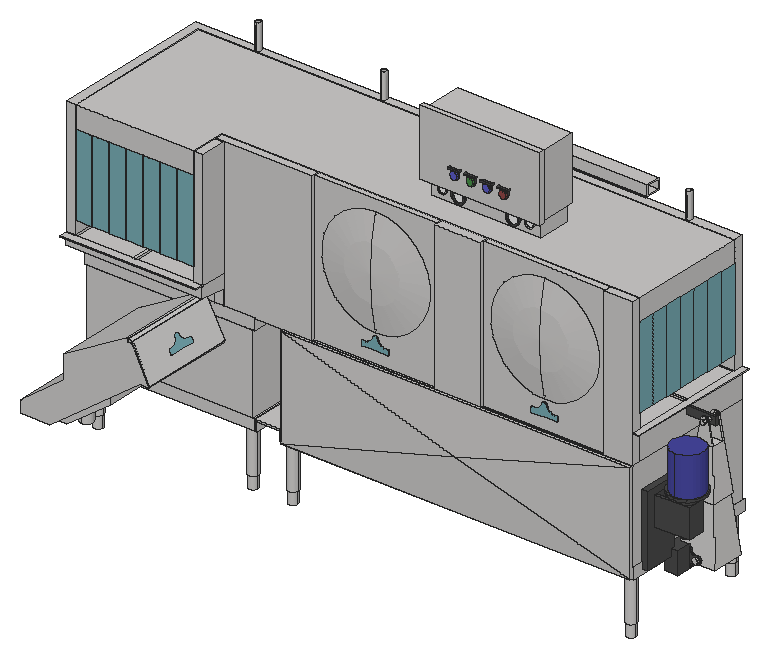
Revit family
Parameters (values of type "208/60/3")
  Width = 8' - 4"
  Weight in Pounds = 1800
  Watts = 25000 W
  Watermarked By = "http://revitwatermark.com"
  Waste Water Discharge Temperature [instance] = -459.67 °F
  Volts = 208 V
  Ventilation Remarks [instance] = ""
  URL Cutsheet = ""
  URL = "www.stero.com"
  Total Height = 5' - 10 1/2"
  Table Height = 2' - 10"
  Swing Doors [instance] = no
  Status [instance] = ""
  Standard Doors [instance] = not(Swing Doors)  # yes
  Specification by User [instance] = ""
  Specification by Manufacturer = ""
  Serial Number [instance] = ""
  Seismic Rating [instance] = ""
  SMACNA No [instance] = ""
  Right Ventilation Remarks [instance] = ""
  Right Vent [instance] = no
  Right Exhaust Volume [instance] = if(Right Vent, 400 CFM, 0 CFM)  # 0 CFM
  Right Exhaust Vent Width = 0' - 3 7/8"
  Right Exhaust Vent Text = "Vent, Unload End"
  Right Exhaust Vent Depth = 2' - 0 7/8"
  Right Exhaust Static Press = 0.00 in-wg
  Right Exhaust RI Height [instance] = 0' - 0"
  Right Exhaust Item Number [instance] = "-"
  Right Drain [instance] = no
  Revision Code [instance] = ""
  Plumbing Remarks [instance] = ""
  Plumbing Connection Type [instance] = ""
  Phase = 3
  Number of Poles [instance] = 1
  No Left Vent [instance] = not(Left Vent)  # yes
  NAFEM Spec ID Number [instance] = ""
  Model = "ER-94SC"
  Masterspec = ""
  Manufacturer = "Stero"
  Machine Height = 4' - 7 1/2"
  Left Vent [instance] = no
  Left Drain [instance] = not(Right Drain)  # yes
  Item Number [instance] = "-"
  Installed By [instance] = ""
  Indirect Waste Size = 2"
  Indirect Waste Flow [instance] = 0.00 GPM
  Indirect Waste Connection Type [instance] = ""
  Indirect Waste Connection Height = 0' - 6"
  Hot Water Usage Rack = "- Gal/Rack"
  Hot Water Usage = "120.6 GPH"
  Hot Water Temperature = 180 °F
  Hot Water Size = 3/4"
  Hot Water RI Height [instance] = 0' - 0"
  Hot Water Minimum Pressure = 20.00 psi
  Hot Water Maximum Pressure = 20.00 psi
  Hot Water Flow = 2.01 GPM
  Hot Water Consumption = 2.01 GPM
  Hot Water Connection Height = 5' - 0"
  HP = "4.25"
  Furnished By [instance] = ""
  Foodservice Equipment Identifier [instance] = yes
  FL Amps = 83.6 A
  Exhaust Volume [instance] = if(Left Vent, 200 CFM, 0 CFM)  # 0 CFM
  Exhaust Vent Width = 2' - 0 7/8"
  Exhaust Vent Text = "Vent, Load End"
  Exhaust Vent Depth = 0' - 3 7/8"
  Exhaust Static Press = 0.00 in-wg
  Exhaust RI Height [instance] = 0' - 0"
  Electrical Remarks [instance] = ""
  Electric Connection Type [instance] = ""
  Elec Conn RI Height [instance] = 0' - 0"
  Elec Conn Connection Height = 5' - 8 1/2"
  Single Door Opening [instance] = if(Swing Doors, 2' 0", 1' 10 1/2")  # 1' - 10 1/2"
  Description = "Dishwasher, Conveyor"
  Depth = 2' - 1"
  Cycle = 60 Hz
  Conn Conduit = yes
  Cold Water Temperature Recommended [instance] = -459.67 °F
  Cold Water Size = 3/4"
  Cold Water RI Height [instance] = 0' - 0"
  Cold Water Minimum Pressure [instance] = 0.00 psi
  Cold Water Maximum Pressure [instance] = 0.00 psi
  Cold Water Flow [instance] = 0.00 GPM
  Cold Water Consumption [instance] = ""
  Cold Water Connection Height = 5' - 0"
  CSI MasterFormat = "11 48 13"
  Building Plumbing Remarks [instance] = ""
  Building Hot Water Temperature = 140 °F
  Building Hot Water Size = 3/4"
  Building Hot Water RI Height [instance] = 0' - 0"
  Building Hot Water Minimum Pressure [instance] = 20.00 psi
  Building Hot Water Maximum Pressure [instance] = 20.00 psi
  Building Hot Water Flow [instance] = 0.00 GPM
  Building Hot Water Consumption [instance] = 2.00 GPM
  Building Hot Water Connection Height = 5' - 0"
  Building HW Item Number [instance] = "-"
  Assembly Code = "E1090320"
  Apparent Power = if(Phase = 3, Volts * FL Amps * 1.73, Volts * FL Amps)  # 30082.6 VA
Reference planes (in)
  plane 1: z = 0
  plane 2 "Left of Main Body": x = 2.32772
  plane 3 "BACK": y = -48
  plane 4 "TOP": z = 70.5
  plane 5 "RIGHT": x = 66.32772
  plane 6 "FRONT": y = -73
  plane 7 "Left of Top": x = 2.57772
  plane 8 "Right of Top": x = 66.07772
  plane 9 "Right of Ledge": x = 67.57772
  plane 10 "Right End Cowl": x = 76.32772
  plane 11: x = 69.39022
  plane 12 "Bottom of Machine": z = 10
  plane 13 "Table Height": z = 34
  plane 14 "Top of Machine": z = 55.5
  plane 15 "Panel Top": z = 28.5
  plane 16: z = 12
  plane 17: y = -73.5
  plane 18: y = -47.5
  plane 19: x = 2.07772
  plane 20: x = 66.57772
  plane 21: y = -49.625
  plane 22: y = -71.375
  plane 23 "Door Center": x = 34.32772
  plane 24: x = 7.57772
  plane 25: x = 30.07772
  plane 26 "Top of Opening": z = 51.5
  plane 27: z = 2.25
  plane 28: x = 24.32772
  plane 29: x = 44.32772
  plane 30: x = 23.32772
  plane 31: x = 45.32772
  plane 32 "Front of Lower Panel": y = -66.5
  plane 33: y = -60.5
  plane 34: y = -67
  plane 35 "Back of Panel": y = -60
  plane 36 "Front of Upper Panel": y = -68
  plane 37: x = 23.82772
  plane 38: x = 44.82772
  plane 39: x = 76.20272
  plane 40: x = 73.26522
  plane 41: y = -48.0625
  plane 42: y = -72.9375
  plane 43 "Top of Vents": z = 59.5
  plane 44: x = 19.82772
  plane 45: x = 48.82772
  plane 46: y = -45
  plane 47: z = 57.5
  plane 48: y = -43
  plane 49: z = 84.5
  plane 50: x = 38.57772
  plane 51: x = 61.07772
  plane 52: x = 7.82772
  plane 53: x = 29.95272
  plane 54: x = 28.64022
  plane 55: x = 38.70272
  plane 56: x = 40.01522
  plane 57: x = 60.82772
  plane 58 "LEFT": x = -33.67228
  plane 59: x = -33.64377
  plane 60: y = -77.75746
  plane 61: y = -79.25746
  plane 62: y = -77.94496
  plane 63: y = -80.81996
  plane 64: y = -84.69496
  plane 65: y = -87.75746
  plane 66: y = -87.63246
  plane 67: x = -32.01877
  plane 68: y = -91
  plane 69: x = -23.51877
  plane 70: x = -19.51877
  plane 71: y = -80.00746
  plane 72: x = -28.14377
  plane 73: x = -34.64377
Forms (in)
  Extrusion 1, solid, material "QF_Finishes_Stainless Steel"
    sketch origin (0, 0, 10) x (0, 1, 0) y (-1, 0, 0)
      loop
        line (-47.5, -2.07772) -> (-73, -2.07772) -> (-73, -66.57772) -> (-47.5, -66.57772) -> (-47.5, -2.07772)
    from 0 to 2
  Extrusion 2, solid, material "QF_Finishes_Stainless Steel"
    sketch origin (0, 0, 28.5) x (0, 1, 0) y (-1, 0, 0)
      loop
        line (-48, -2.32772) -> (-73, -2.32772) -> (-73, -66.32772) -> (-48, -66.32772) -> (-48, -2.32772)
    from 0 to -16.5
  Extrusion 3, solid, material "QF_Finishes_Stainless Steel"
    sketch origin (0, 0, 34) x (0, 1, 0) y (-1, 0, 0)
      loop
        line (-48, -66.32772) -> (-73, -66.32772) -> (-73, -67.57772) -> (-48, -67.57772) -> (-48, -66.32772)
    from 0 to -0.125
  Extrusion 4, solid, material "QF_Finishes_Stainless Steel"
    sketch origin (0, 0, 34) x (0, 1, 0) y (-1, 0, 0)
      loop
        line (-48, 33.67228) -> (-73, 33.67228) -> (-73, 8.64377) -> (-71.375, 8.64377) -> (-71.375, -66.32772) -> (-48, -66.32772) -> (-48, 33.67228)
    from -0.25 to -5.5
  Extrusion 5, solid, material "QF_Finishes_Stainless Steel"
    sketch origin (0, -73, 0) x (-1, 0, 0) y (0, 0, 1)
      loop
        line (10.26877, 55.5) -> (-7.57772, 55.5) -> (-7.57772, 28.5) -> (10.26877, 28.5) -> (10.26877, 55.5)
    from 0 to 1.625
  Blend 6, solid, material "QF_Finishes_Stainless Steel"
    base sketch origin (-15.01335, -74, 48) x (-1, 0, 0) y (0, 0, 1)
      loop
        line (-17.34107, -19.5) -> (-81.34107, -19.5) -> (-81.34107, -38) -> (-17.34107, -38) -> (-17.34107, -19.5)
    top sketch origin (-15.01335, -74, 48) x (-1, 0, 0) y (0, 0, 1)
      loop
        line (-49.37232, -28.71875) -> (-49.37232, -28.78125) -> (-49.30982, -28.78125) -> (-49.30982, -28.71875) -> (-49.37232, -28.71875)
    from 0.5 to 0
  Extrusion 7, solid, material "QF_Finishes_Stainless Steel"
    sketch origin (0, 0, 10) x (0, 1, 0) y (-1, 0, 0)
      loop
        line (-73, -2.32772) -> (-73.5, -2.32772) -> (-73.5, -66.32772) -> (-73, -66.32772) -> (-73, -2.32772)
    from 0 to 18.5
  Extrusion 8, solid, material "QF_Finishes_Stainless Steel"
    sketch origin (0, -73, 0) x (-1, 0, 0) y (0, 0, 1)
      loop
        line (-61.07772, 55.5) -> (-66.32772, 55.5) -> (-66.32772, 28.5) -> (-61.07772, 28.5) -> (-61.07772, 55.5)
    from 0 to 1.625
  Extrusion 9, solid, material "QF_Finishes_Stainless Steel", visible <- "Standard Doors"
    sketch origin (-15.5, 0, 55.5) x (0, 1, 0) y (-1, 0, 0)
      loop
        line (-71.375, -23.07772) -> (-72.5, -23.07772) -> (-72.5, -45.57772) -> (-71.375, -45.57772) -> (-71.375, -23.07772)
    from 0 to -27
  Extrusion 10, solid, material "QF_Finishes_Stainless Steel"
    sketch origin (0, 0, 0) x (1, 0, 0) y (0, 1, 0)
      loop
        circle (3.32772, -49) r 0.8125
    from 0 to 2.25
  Extrusion 11, solid, material "QF_Finishes_Stainless Steel"
    sketch origin (0, 0, 0) x (1, 0, 0) y (0, 1, 0)
      loop
        circle (3.32772, -49) r 0.9375
    from 2.25 to 10
  Extrusion 12, solid, material "QF_Finishes_Stainless Steel"
    sketch origin (48.65544, 0, 0) x (-1, 0, 0) y (0, -1, 0)
      loop
        circle (-16.67228, 49) r 0.8125
    from 0 to 2.25
  Extrusion 13, solid, material "QF_Finishes_Stainless Steel"
    sketch origin (48.65544, 0, 0) x (-1, 0, 0) y (0, -1, 0)
      loop
        circle (-16.67228, 49) r 0.9375
    from 2.25 to 10
  Extrusion 14, solid, material "QF_Finishes_Stainless Steel"
    sketch origin (0, -121, 0) x (1, 0, 0) y (0, 1, 0)
      loop
        circle (3.32772, 49) r 0.8125
    from 0 to 2.25
  Extrusion 15, solid, material "QF_Finishes_Stainless Steel"
    sketch origin (0, -121, 0) x (1, 0, 0) y (0, 1, 0)
      loop
        circle (3.32772, 49) r 0.9375
    from 2.25 to 10
  Extrusion 16, solid, material "QF_Finishes_Stainless Steel"
    sketch origin (48.65544, -121, 0) x (-1, 0, 0) y (0, -1, 0)
      loop
        circle (-16.67228, -49) r 0.8125
    from 0 to 2.25
  Extrusion 17, solid, material "QF_Finishes_Stainless Steel"
    sketch origin (48.65544, -121, 0) x (-1, 0, 0) y (0, -1, 0)
      loop
        circle (-16.67228, -49) r 0.9375
    from 2.25 to 10
  Extrusion 18, solid, material "QF_Finishes_Light Blue"
    sketch origin (0, 0, 51.5) x (0, 1, 0) y (-1, 0, 0)
      loop
        line (-49.625, -66.32772) -> (-49.625, -66.20272) -> (-52.625, -66.20272) -> (-52.625, -66.32772) -> (-49.625, -66.32772)
      loop
        line (-52.75, -66.32772) -> (-52.75, -66.20272) -> (-55.75, -66.20272) -> (-55.75, -66.32772) -> (-52.75, -66.32772)
      loop
        line (-55.875, -66.32772) -> (-55.875, -66.20272) -> (-58.875, -66.20272) -> (-58.875, -66.32772) -> (-55.875, -66.32772)
      loop
        line (-59, -66.32772) -> (-59, -66.20272) -> (-62, -66.20272) -> (-62, -66.32772) -> (-59, -66.32772)
      loop
        line (-62.125, -66.32772) -> (-62.125, -66.20272) -> (-65.125, -66.20272) -> (-65.125, -66.32772) -> (-62.125, -66.32772)
      loop
        line (-65.25, -66.32772) -> (-65.25, -66.20272) -> (-68.25, -66.20272) -> (-68.25, -66.32772) -> (-65.25, -66.32772)
      loop
        line (-68.375, -66.32772) -> (-68.375, -66.20272) -> (-71.375, -66.20272) -> (-71.375, -66.32772) -> (-68.375, -66.32772)
    from 0 to -15
  Extrusion 19, solid, material "QF_Finishes_Stainless Steel"
    sketch origin (0, 0, 55.5) x (0, 1, 0) y (-1, 0, 0)
      loop
        line (-60.5, -24.32772) -> (-66.5, -24.32772) -> (-66.5, -44.32772) -> (-60.5, -44.32772) -> (-60.5, -24.32772)
    from 0 to 3.5
  Extrusion 20, solid, material "QF_Finishes_Stainless Steel"
    sketch origin (0, 0, 55.5) x (0, 1, 0) y (-1, 0, 0)
      loop
        line (-60, -23.82772) -> (-67, -23.82772) -> (-67, -44.82772) -> (-60, -44.82772) -> (-60, -23.82772)
    from 3 to 14.5
  Extrusion 21, solid, material "QF_Finishes_Stainless Steel"
    sketch origin (0, 0, 55.5) x (0, 1, 0) y (-1, 0, 0)
      loop
        line (-67, -23.32772) -> (-68, -23.32772) -> (-68, -45.32772) -> (-67, -45.32772) -> (-67, -23.32772)
    from 3 to 15
  Extrusion 22, solid, material "QF_Finishes_Black"
    sketch origin (0, -66.5, 0) x (-1, 0, 0) y (0, 0, 1)
      loop
        circle (-29.32772, 57) r 1.25
      loop
        circle (-29.32772, 57) r 1
    from 0 to -0.25
  Extrusion 23, solid, material "QF_Finishes_Stainless Steel"
    sketch origin (0, -66.5, 0) x (-1, 0, 0) y (0, 0, 1)
      loop
        circle (-26.32772, 57.25) r 0.75
      loop
        circle (-26.32772, 57.25) r 0.875
    from 0 to -0.125
  Extrusion 24, solid, material "QF_Finishes_White"
    sketch origin (0, -66.5, 0) x (-1, 0, 0) y (0, 0, 1)
      loop
        circle (-26.32772, 57.25) r 0.75
    from 0 to -0.0625
  Extrusion 25, solid, material "QF_Finishes_White"
    sketch origin (0, -66.5, 0) x (-1, 0, 0) y (0, 0, 1)
      loop
        circle (-29.32772, 57) r 1
    from 0 to -0.0625
  Extrusion 26, solid, material "QF_Finishes_Black"
    sketch origin (48.65544, -66.5, 0) x (1, 0, 0) y (0, 0, -1)
      loop
        circle (-9.32772, -57) r 1.25
      loop
        circle (-9.32772, -57) r 1
    from 0 to -0.25
  Extrusion 27, solid, material "QF_Finishes_Stainless Steel"
    sketch origin (48.65544, -66.5, 0) x (1, 0, 0) y (0, 0, -1)
      loop
        circle (-6.32772, -57.25) r 0.75
      loop
        circle (-6.32772, -57.25) r 0.875
    from 0 to -0.125
  Extrusion 28, solid, material "QF_Finishes_White"
    sketch origin (48.65544, -66.5, 0) x (1, 0, 0) y (0, 0, -1)
      loop
        circle (-6.32772, -57.25) r 0.75
    from 0 to -0.0625
  Extrusion 29, solid, material "QF_Finishes_White"
    sketch origin (48.65544, -66.5, 0) x (1, 0, 0) y (0, 0, -1)
      loop
        circle (-9.32772, -57) r 1
    from 0 to -0.0625
  Extrusion 30, solid, material "QF_Finishes_Black"
    sketch origin (0, -68, 0) x (-1, 0, 0) y (0, 0, 1)
      loop
        line (-33.82772, 62.5) -> (-33.82772, 62.25) -> (-31.82772, 62.25) -> (-31.82772, 62.5) -> (-33.82772, 62.5)
      loop
        line (-30.82772, 62.5) -> (-30.82772, 62.25) -> (-28.82772, 62.25) -> (-28.82772, 62.5) -> (-30.82772, 62.5)
      loop
        line (-34.82772, 62.5) -> (-36.82772, 62.5) -> (-36.82772, 62.25) -> (-34.82772, 62.25) -> (-34.82772, 62.5)
      loop
        line (-37.82772, 62.5) -> (-39.82772, 62.5) -> (-39.82772, 62.25) -> (-37.82772, 62.25) -> (-37.82772, 62.5)
    from 0 to -0.5
  Extrusion 31, solid, material "QF_Finishes_Navy Blue"
    sketch origin (0, -68, 0) x (-1, 0, 0) y (0, 0, 1)
      loop
        circle (-29.82772, 61.375) r 0.625
    from -0.125 to -0.375
  Extrusion 32, solid, material "QF_Finishes_LED Green"
    sketch origin (3, -68, 0) x (-1, 0, 0) y (0, 0, 1)
      loop
        circle (-29.82772, 61.375) r 0.625
    from -0.125 to -0.375
  Extrusion 33, solid, material "QF_Finishes_Navy Blue"
    sketch origin (6, -68, 0) x (-1, 0, 0) y (0, 0, 1)
      loop
        circle (-29.82772, 61.375) r 0.625
    from -0.125 to -0.375
  Extrusion 34, solid, material "QF_Finishes_LED Red"
    sketch origin (9, -68, 0) x (-1, 0, 0) y (0, 0, 1)
      loop
        circle (-29.82772, 61.375) r 0.625
    from -0.125 to -0.375
  Extrusion 35, solid, material "QF_Finishes_Black"
    sketch origin (0, -68, 0) x (-1, 0, 0) y (0, 0, 1)
      loop
        arc (-30.57772, 61.375) -> (-29.82772, 60.625) -> (-29.07772, 61.375) r 0.75
        line (-29.07772, 61.375) -> (-29.07772, 62.25) -> (-30.57772, 62.25) -> (-30.57772, 61.375)
      loop
        arc (-33.57772, 61.375) -> (-32.82772, 60.625) -> (-32.07772, 61.375) r 0.75
        line (-32.07772, 61.375) -> (-32.07772, 62.25) -> (-33.57772, 62.25) -> (-33.57772, 61.375)
      loop
        arc (-36.57772, 61.375) -> (-35.82772, 60.625) -> (-35.07772, 61.375) r 0.75
        line (-35.07772, 61.375) -> (-35.07772, 62.25) -> (-36.57772, 62.25) -> (-36.57772, 61.375)
      loop
        arc (-39.57772, 61.375) -> (-38.82772, 60.625) -> (-38.07772, 61.375) r 0.75
        line (-38.07772, 61.375) -> (-38.07772, 62.25) -> (-39.57772, 62.25) -> (-39.57772, 61.375)
    from 0 to -0.125
  Extrusion 36, solid, material "QF_Finishes_Light Blue", visible <- "Standard Doors"
    sketch origin (-15.5, -73, 0) x (-1, 0, 0) y (0, 0, 1)
      loop
        line (-33.71645, 30.65632) -> (-32.08461, 30.57309)
        arc (-32.08461, 30.57309) -> (-31.90443, 30.64773) -> (-31.82979, 30.82792) r 0.25483
        line (-31.82979, 30.82792) -> (-31.82979, 31.31285)
        arc (-31.82979, 31.31285) -> (-31.90343, 31.49062) -> (-32.08121, 31.56426) r 0.25142
        arc (-32.08121, 31.56426) -> (-33.22593, 31.7803) -> (-33.90311, 32.72819) r 1.56264
        arc (-33.90311, 32.72819) -> (-34.31726, 33.06213) -> (-34.74741, 32.74907) r 0.43733
        arc (-34.74741, 32.74907) -> (-35.42049, 31.78611) -> (-36.57423, 31.56426) r 1.56264
        arc (-36.57423, 31.56426) -> (-36.75201, 31.49062) -> (-36.82565, 31.31285) r 0.25142
        line (-36.82565, 31.31285) -> (-36.82565, 30.82792)
        arc (-36.82565, 30.82792) -> (-36.75101, 30.64773) -> (-36.57082, 30.57309) r 0.25483
        line (-36.57082, 30.57309) -> (-34.93898, 30.65632)
        arc (-34.93898, 30.65632) -> (-34.32772, 30.6719) -> (-33.71645, 30.65632) r 12
    from 0.5 to 0.4375
  Extrusion 37, solid, material "QF_Finishes_Stainless Steel", visible <- "Right Vent"
    sketch origin (66.07772, 0, 0) x (0, -1, 0) y (0, 0, 1)
      loop
        line (73, 55.5) -> (48, 55.5) -> (48, 50.5625) -> (49.625, 48.9375) -> (49.625, 49.11428) -> (48.125, 50.61428) -> (48.125, 55.375) -> (72.875, 55.375) -> (72.875, 39.17678) -> (71.375, 37.67678) -> (71.375, 37.5) -> (73, 39.125) -> (73, 55.5)
    from -0.25 to -10.125
  Extrusion 38, solid, material "QF_Finishes_Stainless Steel", visible <- "Right Vent"
    sketch origin (76.32772, 0, 0) x (0, 1, 0) y (0, 0, 1)
      loop
        line (-71.375, 37.5) -> (-71.375, 51.5) -> (-49.625, 51.5) -> (-49.625, 48.9375) -> (-48, 50.5625) -> (-48, 55.5) -> (-73, 55.5) -> (-73, 39.125) -> (-71.375, 37.5)
    from 0 to -0.125
  Extrusion 39, solid, material "QF_Finishes_Stainless Steel", visible <- "Right Vent"
    sketch origin (48.65544, 0, 55.5) x (0, 1, 0) y (-1, 0, 0)
      loop
        line (-48.0625, -24.60978) -> (-48.0625, -20.73478) -> (-72.9375, -20.73478) -> (-72.9375, -24.60978) -> (-48.0625, -24.60978)
      loop
        line (-48.1875, -24.48478) -> (-48.1875, -20.85978) -> (-72.8125, -20.85978) -> (-72.8125, -24.48478) -> (-48.1875, -24.48478)
    from 0 to 4
  Extrusion 40, void
    sketch origin (0, 0, 55.5) x (0, 1, 0) y (-1, 0, 0)
      loop
        line (-48.1875, -69.51522) -> (-72.8125, -69.51522) -> (-72.8125, -73.14022) -> (-48.1875, -73.14022) -> (-48.1875, -69.51522)
    from 0 to -0.125
  Extrusion 41, solid, material "QF_Finishes_Black"
    sketch origin (0, -73, 0) x (-1, 0, 0) y (0, 0, 1)
      loop
        line (-66.57772, 12) -> (-66.32772, 12) -> (-66.32772, 23.9375) -> (-67.70272, 23.9375) -> (-67.70272, 10.9375) -> (-66.57772, 10.9375) -> (-66.57772, 12)
    from 1.8125 to 7.8125
  Extrusion 42, solid, material "QF_Finishes_Black"
    sketch origin (0, 0, 10) x (0, 1, 0) y (-1, 0, 0)
      loop
        line (-66.875, -72.57772) -> (-66.875, -67.95272) -> (-69.5, -67.95272) -> (-69.5, -72.57772)
        arc (-69.5, -72.57772) -> (-68.1875, -71.26522) -> (-66.875, -72.57772) r 1.3125
      loop
        line (-69.75, -74.20272) -> (-66.625, -74.20272) -> (-66.625, -67.70272) -> (-69.75, -67.70272) -> (-69.75, -74.20272)
    from 7.6875 to 12.9375
  Extrusion 43, solid, material "QF_Finishes_Black"
    sketch origin (0.25, 0, 10) x (0, 1, 0) y (-1, 0, 0)
      loop
        circle (-68.1875, -72.32772) r 1.0625
    from 7.1875 to 7.6875
  Extrusion 44, solid, material "QF_Finishes_Black"
    sketch origin (0, 0, 10) x (0, 1, 0) y (-1, 0, 0)
      loop
        circle (-68.1875, -72.57772) r 1.3125
    from 12.9375 to 13.4375
  Blend 45, solid, material "QF_Finishes_Black"
    base sketch origin (0.25, 0, 10) x (0, 1, 0) y (-1, 0, 0)
      loop
        circle (-68.1875, -72.32772) r 1.3125
    top sketch origin (0.25, 0, 10) x (0, 1, 0) y (-1, 0, 0)
      loop
        circle (-68.1875, -72.32772) r 2.0625
    from 13.4375 to 14.4375
  Extrusion 46, solid, material "QF_Finishes_Black"
    sketch origin (0.25, 0, 10) x (0, 1, 0) y (-1, 0, 0)
      loop
        circle (-68.1875, -72.32772) r 3.25
    from 14.4375 to 14.8125
  Extrusion 47, solid, material "QF_Finishes_Blue"
    sketch origin (0.25, 0, 10) x (0, 1, 0) y (-1, 0, 0)
      loop
        circle (-68.1875, -72.32772) r 2.875
    from 14.8125 to 21.9375
  Extrusion 48, solid, material "QF_Finishes_Black"
    sketch origin (0, -73, 0) x (-1, 0, 0) y (0, 0, 1)
      loop
        line (-66.32772, 33.1875) -> (-71.82772, 33.1875) -> (-71.82772, 31.6875) -> (-66.32772, 31.6875) -> (-66.32772, 33.1875)
      loop
        circle (-70.57772, 32.4375) r 0.375
    from 12.3125 to 12.6875
  Extrusion 49, solid, material "QF_Finishes_Black"
    sketch origin (0, -73, 0) x (-1, 0, 0) y (0, 0, 1)
      loop
        line (-66.32772, 12) -> (-66.32772, 12.4375) -> (-69.07772, 12.4375) -> (-69.07772, 8.4375) -> (-66.57772, 8.4375) -> (-66.57772, 12) -> (-66.32772, 12)
    from 7 to 18
  Extrusion 50, solid, material "QF_Finishes_Black"
    sketch origin (0, -73, 0) x (-1, 0, 0) y (0, 0, 1)
      loop
        line (-69.07772, 12.125) -> (-69.32772, 12.125)
        arc (-69.32772, 12.125) -> (-69.5045, 12.05178) -> (-69.57772, 11.875) r 0.25
        line (-69.57772, 11.875) -> (-69.57772, 11.5625)
        arc (-69.57772, 11.5625) -> (-69.68755, 11.29733) -> (-69.95272, 11.1875) r 0.375
        line (-69.95272, 11.1875) -> (-70.57772, 11.1875)
        arc (-70.57772, 11.1875) -> (-71.32772, 10.4375) -> (-70.57772, 9.6875) r 0.75
        line (-70.57772, 9.6875) -> (-69.95272, 9.6875)
        arc (-69.95272, 9.6875) -> (-69.68755, 9.57767) -> (-69.57772, 9.3125) r 0.375
        line (-69.57772, 9.3125) -> (-69.57772, 9)
        arc (-69.57772, 9) -> (-69.5045, 8.82322) -> (-69.32772, 8.75) r 0.25
        line (-69.32772, 8.75) -> (-69.07772, 8.75) -> (-69.07772, 12.125)
      loop
        circle (-70.57772, 10.4375) r 0.5
    from 9.375 to 9.5
  Extrusion 51, solid, material "QF_Finishes_Black"
    sketch origin (0, -66.875, 0) x (-1, 0, 0) y (0, 0, 1)
      loop
        line (-69.07772, 12.125) -> (-69.32772, 12.125)
        arc (-69.32772, 12.125) -> (-69.5045, 12.05178) -> (-69.57772, 11.875) r 0.25
        line (-69.57772, 11.875) -> (-69.57772, 11.5625)
        arc (-69.57772, 11.5625) -> (-69.68755, 11.29733) -> (-69.95272, 11.1875) r 0.375
        line (-69.95272, 11.1875) -> (-70.57772, 11.1875)
        arc (-70.57772, 11.1875) -> (-71.32772, 10.4375) -> (-70.57772, 9.6875) r 0.75
        line (-70.57772, 9.6875) -> (-69.95272, 9.6875)
        arc (-69.95272, 9.6875) -> (-69.68755, 9.57767) -> (-69.57772, 9.3125) r 0.375
        line (-69.57772, 9.3125) -> (-69.57772, 9)
        arc (-69.57772, 9) -> (-69.5045, 8.82322) -> (-69.32772, 8.75) r 0.25
        line (-69.32772, 8.75) -> (-69.07772, 8.75) -> (-69.07772, 12.125)
      loop
        circle (-70.57772, 10.4375) r 0.5
    from 9.375 to 9.5
  Extrusion 52, solid, material "QF_Finishes_Stainless Steel"
    sketch origin (0, -73, 0) x (-1, 0, 0) y (0, 0, 1)
      loop
        circle (-70.57772, 32.4375) r 0.375
      loop
        line (-71.31584, 32.57045) -> (-72.01522, 28.6875) -> (-69.14022, 28.6875) -> (-69.8396, 32.57045)
        arc (-69.8396, 32.57045) -> (-70.57772, 33.1875) -> (-71.31584, 32.57045) r 0.75
    from 11.25 to 11.375
  Extrusion 53, solid, material "QF_Finishes_Stainless Steel"
    sketch origin (0, -48, 0) x (-1, 0, 0) y (0, 0, -1)
      loop
        circle (-70.57772, -32.4375) r 0.375
      loop
        arc (-71.31584, -32.57045) -> (-70.57772, -33.1875) -> (-69.8396, -32.57045) r 0.75
        line (-69.8396, -32.57045) -> (-69.14022, -28.6875) -> (-72.01522, -28.6875) -> (-71.31584, -32.57045)
    from 11.25 to 11.375
  Extrusion 54, solid, material "QF_Finishes_Stainless Steel"
    sketch origin (0, -73, 0) x (-1, 0, 0) y (0, 0, 1)
      loop
        circle (-70.57772, 32.4375) r 0.375
    from 10.75 to 14.25
  Blend 55, solid, material "QF_Finishes_Stainless Steel"
    base sketch origin (0, 0, 34) x (0, 1, 0) y (-1, 0, 0)
      loop
        line (-58.25, -67.89022) -> (-62.75, -67.89022) -> (-62.75, -73.01522) -> (-58.25, -73.01522) -> (-58.25, -67.89022)
    top sketch origin (0, 0, 34) x (0, 1, 0) y (-1, 0, 0)
      loop
        line (-59.25, -69.14022) -> (-61.75, -69.14022) -> (-61.75, -72.01522) -> (-59.25, -72.01522) -> (-59.25, -69.14022)
    from -14.0625 to -5.3125
  Blend 56, solid, material "QF_Finishes_Stainless Steel"
    base sketch origin (0, 0, 25.25) x (0, 1, 0) y (-1, 0, 0)
      loop
        line (-57.5, -67.14022) -> (-63.5, -67.14022) -> (-63.5, -73.76522) -> (-57.5, -73.76522) -> (-57.5, -67.14022)
    top sketch origin (0, 0, 25.25) x (0, 1, 0) y (-1, 0, 0)
      loop
        line (-58.5, -68.14022) -> (-62.5, -68.14022) -> (-62.5, -72.76522) -> (-58.5, -72.76522) -> (-58.5, -68.14022)
    from -15.5625 to -5.3125
  Extrusion 57, solid, material "QF_Finishes_Stainless Steel"
    sketch origin (0, -73, -22) x (-1, 0, 0) y (0, 0, 1)
      loop
        circle (-70.57772, 32.4375) r 0.5
    from 9 to 16
  Extrusion 58, solid, material "QF_Finishes_Stainless Steel"
    sketch origin (0, 0, 55.5) x (0, 1, 0) y (-1, 0, 0)
      loop
        circle (-48.75, -57.32772) r 0.375
      loop
        circle (-48.75, -57.32772) r 0.5
    from 0 to 4.5
  Extrusion 59, solid, material "QF_Finishes_Stainless Steel"
    sketch origin (2.32772, 0, 0) x (0, 1, 0) y (0, 0, 1)
      loop
        line (-45, 57.5) -> (-47.75, 57.5) -> (-47.75, 55.5) -> (-45, 55.5) -> (-45, 57.5)
      loop
        line (-45.125, 57.375) -> (-47.625, 57.375) -> (-47.625, 55.625) -> (-45.125, 55.625) -> (-45.125, 57.375)
    from 17.5 to 46.5
  Extrusion 60, solid, material "QF_Finishes_Stainless Steel"
    sketch origin (2.32772, 0, 0) x (0, 1, 0) y (0, 0, 1)
      loop
        line (-47.75, 55.5) -> (-47.75, 55.625) -> (-48, 55.625) -> (-48, 55.5) -> (-47.75, 55.5)
    from 17.5 to 46.5
  Extrusion 61, solid, material "QF_Finishes_Stainless Steel"
    sketch origin (0, -60, 0) x (-1, 0, 0) y (0, 0, 1)
      loop
        circle (-44.32772, 68.5) r 0.25
    from 0 to 0.0625
  Extrusion 62, solid, material "QF_Finishes_Stainless Steel"
    sketch origin (0, -1, 10) x (0, 1, 0) y (-1, 0, 0)
      loop
        circle (-50, -61.32772) r 1
      loop
        circle (-50, -61.32772) r 1.125
    from 0 to -4
  Extrusion 63, solid, material "QF_Finishes_Clearance", detail levels coarse
    sketch origin (0, 0, 0) x (1, 0, 0) y (0, 1, 0)
      loop
        line (-34.64377, -47.5) -> (19.82772, -47.5) -> (19.82772, -45) -> (48.82772, -45) -> (48.82772, -47.5) -> (67.57772, -47.5) -> (67.57772, -43) -> (-34.64377, -43) -> (-34.64377, -47.5)
    from 0 to 70.5
  Extrusion 64, solid, material "QF_Finishes_Clearance", visible <- "Standard Doors", detail levels coarse
    sketch origin (-15.5, -73, 0) x (-1, 0, 0) y (0, 0, 1)
      loop
        line (-23.07772, 84.5) -> (-45.57772, 84.5) -> (-45.57772, 55.5) -> (-23.07772, 55.5) -> (-23.07772, 84.5)
    from 0 to 1.625
  Extrusion 65, solid, material "QF_Finishes_Clearance", visible <- "Right Vent", detail levels coarse
    sketch origin (0, 0, 0) x (1, 0, 0) y (0, 1, 0)
      loop
        line (67.57772, -43) -> (67.57772, -47.5) -> (76.32772, -47.5) -> (76.32772, -43) -> (67.57772, -43)
    from 0 to 70.5
  Revolve 66, solid, material "QF_Finishes_Stainless Steel", visible <- "Standard Doors"
    sketch origin (18.82772, 0, 0) x (0, 1, 0) y (0, 0, 1)
      loop
        line (-72.5, 43.5) -> (-72.5, 53.5)
        arc (-72.5, 53.5) -> (-73.26244, 48.52624) -> (-73.5, 43.5) r 48
        line (-73.5, 43.5) -> (-72.5, 43.5)
      axis (-72.5, 43.5) -> (-73.5, 43.5)
    angle from 0 to 360
  Extrusion 67, solid, material "QF_Finishes_Stainless Steel", visible <- "Standard Doors"
    sketch origin (14.5, 0, 55.5) x (0, 1, 0) y (-1, 0, 0)
      loop
        line (-71.375, -24.07772) -> (-72.5, -24.07772) -> (-72.5, -46.57772) -> (-71.375, -46.57772) -> (-71.375, -24.07772)
    from 0 to -27
  Extrusion 68, solid, material "QF_Finishes_Clearance", visible <- "Standard Doors", detail levels coarse
    sketch origin (14.5, -73, 0) x (-1, 0, 0) y (0, 0, 1)
      loop
        line (-24.07772, 84.5) -> (-46.57772, 84.5) -> (-46.57772, 55.5) -> (-24.07772, 55.5) -> (-24.07772, 84.5)
    from 0 to 1.625
  Revolve 69, solid, material "QF_Finishes_Stainless Steel", visible <- "Standard Doors"
    sketch origin (49.82772, 0, 0) x (0, 1, 0) y (0, 0, 1)
      loop
        line (-72.5, 43.5) -> (-72.5, 53.5)
        arc (-72.5, 53.5) -> (-73.26244, 48.52624) -> (-73.5, 43.5) r 48
        line (-73.5, 43.5) -> (-72.5, 43.5)
      axis (-72.5, 43.5) -> (-73.5, 43.5)
    angle from 0 to 360
  Extrusion 70, solid, material "QF_Finishes_Stainless Steel"
    sketch origin (-29, -73, 0) x (-1, 0, 0) y (0, 0, 1)
      loop
        line (-59.07772, 55.5) -> (-67.57772, 55.5) -> (-67.57772, 28.5) -> (-59.07772, 28.5) -> (-59.07772, 55.5)
    from 0 to 1.625
  Extrusion 71, solid, material "QF_Finishes_Stainless Steel"
    sketch origin (-44, 0, 55.5) x (0, 1, 0) y (-1, 0, 0)
      loop
        circle (-48.75, -45.35897) r 0.375
      loop
        circle (-48.75, -45.35897) r 0.5
    from 0 to 4.5
  Extrusion 72, solid, material "QF_Finishes_Stainless Steel", visible <- "Right Drain"
    sketch origin (0, -1, 0) x (1, 0, 0) y (0, 1, 0)
      loop
        circle (61.32772, -50) r 1
    from 6 to 6.25
  Extrusion 73, solid, material "QF_Finishes_Light Blue", visible <- "Standard Doors"
    sketch origin (15.5, -73, 0) x (-1, 0, 0) y (0, 0, 1)
      loop
        line (-33.71645, 30.65632) -> (-32.08461, 30.57309)
        arc (-32.08461, 30.57309) -> (-31.90443, 30.64773) -> (-31.82979, 30.82792) r 0.25483
        line (-31.82979, 30.82792) -> (-31.82979, 31.31285)
        arc (-31.82979, 31.31285) -> (-31.90343, 31.49062) -> (-32.08121, 31.56426) r 0.25142
        arc (-32.08121, 31.56426) -> (-33.22593, 31.7803) -> (-33.90311, 32.72819) r 1.56264
        arc (-33.90311, 32.72819) -> (-34.31726, 33.06213) -> (-34.74741, 32.74907) r 0.43733
        arc (-34.74741, 32.74907) -> (-35.42049, 31.78611) -> (-36.57423, 31.56426) r 1.56264
        arc (-36.57423, 31.56426) -> (-36.75201, 31.49062) -> (-36.82565, 31.31285) r 0.25142
        line (-36.82565, 31.31285) -> (-36.82565, 30.82792)
        arc (-36.82565, 30.82792) -> (-36.75101, 30.64773) -> (-36.57082, 30.57309) r 0.25483
        line (-36.57082, 30.57309) -> (-34.93898, 30.65632)
        arc (-34.93898, 30.65632) -> (-34.32772, 30.6719) -> (-33.71645, 30.65632) r 12
    from 0.5 to 0.4375
  Extrusion 74, solid, material "QF_Finishes_Stainless Steel", visible <- "Swing Doors"
    sketch origin (0, 0, 55.5) x (0, 1, 0) y (-1, 0, 0)
      loop
        line (-71.375, -7.82772) -> (-73, -7.82772) -> (-73, -29.95272) -> (-71.375, -29.95272) -> (-71.375, -7.82772)
    from 0 to -27
  Extrusion 75, solid, material "QF_Finishes_Stainless Steel", visible <- "Swing Doors"
    sketch origin (0, 0, 55.5) x (0, 1, 0) y (-1, 0, 0)
      loop
        line (-71.375, -38.70272) -> (-73, -38.70272) -> (-73, -60.82772) -> (-71.375, -60.82772) -> (-71.375, -38.70272)
    from 0 to -27
  Extrusion 76, solid, material "QF_Finishes_Stainless Steel", visible <- "Swing Doors"
    sketch origin (-5.5, 0, 52.4375) x (0, 1, 0) y (-1, 0, 0)
      loop
        circle (-73.25, -13.07772) r 0.25
    from 0 to -3
  Extrusion 77, solid, material "QF_Finishes_Stainless Steel", visible <- "Swing Doors"
    sketch origin (-5.5, 0, 35.8125) x (0, 1, 0) y (-1, 0, 0)
      loop
        circle (-73.25, -13.07772) r 0.25
    from 0 to -3
  Sweep 78, solid, material "QF_Finishes_Stainless Steel", visible <- "Swing Doors"
    path origin (28.64022, -19.02724, 48) x (0, 1, 0) y (0, 0, 1)
      loop
        line (-53.97276, -0.9375) -> (-54.59776, -0.9375)
        arc (-54.59776, -0.9375) -> (-54.95131, -1.08395) -> (-55.09776, -1.4375) r 0.5
        line (-55.09776, -1.4375) -> (-55.09776, -9.6875)
        arc (-55.09776, -9.6875) -> (-54.95131, -10.04105) -> (-54.59776, -10.1875) r 0.5
        line (-54.59776, -10.1875) -> (-53.97276, -10.1875)
    profile origin (28.64022, -73.3125, 47.0625) x (0, 0, -1) y (1, 0, 0)
      loop
        circle (0, 0) r 0.375
  Extrusion 79, solid, material "QF_Finishes_Stainless Steel", visible <- "Swing Doors"
    sketch origin (48, 0, 52.4375) x (0, 1, 0) y (-1, 0, 0)
      loop
        circle (-73.25, -13.07772) r 0.25
    from 0 to -3
  Extrusion 80, solid, material "QF_Finishes_Stainless Steel", visible <- "Swing Doors"
    sketch origin (48, 0, 35.8125) x (0, 1, 0) y (-1, 0, 0)
      loop
        circle (-73.25, -13.07772) r 0.25
    from 0 to -3
  Sweep 81, solid, material "QF_Finishes_Stainless Steel", visible <- "Swing Doors"
    path origin (40.01522, -19.02724, 48) x (0, 1, 0) y (0, 0, 1)
      loop
        line (-53.97276, -0.9375) -> (-54.59776, -0.9375)
        arc (-54.59776, -0.9375) -> (-54.95131, -1.08395) -> (-55.09776, -1.4375) r 0.5
        line (-55.09776, -1.4375) -> (-55.09776, -9.6875)
        arc (-55.09776, -9.6875) -> (-54.95131, -10.04105) -> (-54.59776, -10.1875) r 0.5
        line (-54.59776, -10.1875) -> (-53.97276, -10.1875)
    profile origin (40.01522, -73.3125, 47.0625) x (0, 0, -1) y (1, 0, 0)
      loop
        circle (0, 0) r 0.375
  Extrusion 82, solid, material "QF_Finishes_Stainless Steel"
    sketch origin (0.02851, -0.00746, 34) x (0, 1, 0) y (-1, 0, 0)
      loop
        arc (-60.25, 17.92228) -> (-61.27513, 20.39716) -> (-63.75, 21.42228) r 3.5
        line (-63.75, 21.42228) -> (-77.75, 21.42228) -> (-77.75, 20.92228) -> (-63.75, 20.92228)
        arc (-63.75, 20.92228) -> (-61.62868, 20.0436) -> (-60.75, 17.92228) r 3
        line (-60.75, 17.92228) -> (-60.75, -66.29921) -> (-60.25, -66.29921) -> (-60.25, 17.92228)
      loop
        line (-48, 33.67228) -> (-77.75, 33.67228) -> (-77.75, 32.04728) -> (-49.625, 32.04728) -> (-49.625, -66.29921) -> (-48, -66.29921) -> (-48, 33.67228)
    from 0 to -0.25
  Extrusion 83, solid, material "QF_Finishes_Stainless Steel"
    sketch origin (0.02851, -0.00746, 55.5) x (0, 1, 0) y (-1, 0, 0)
      loop
        line (-49.625, 32.04728) -> (-77.75, 32.04728) -> (-77.75, 10.29728) -> (-71.375, 10.29728) -> (-71.375, -66.29921) -> (-49.625, -66.29921) -> (-49.625, 32.04728)
    from 0 to -4
  Extrusion 84, solid, material "QF_Finishes_Stainless Steel"
    sketch origin (0.02851, -0.00746, 55.5) x (0, 1, 0) y (-1, 0, 0)
      loop
        line (-48, 33.67228) -> (-77.75, 33.67228) -> (-77.75, 32.04728) -> (-49.625, 32.04728) -> (-49.625, -66.29921) -> (-48, -66.29921) -> (-48, 33.67228)
    from 0 to -21.5
  Extrusion 85, solid, material "QF_Finishes_Stainless Steel"
    sketch origin (-81.64377, -80.33518, 34) x (-1, 0, 0) y (0, -1, 0)
      loop
        line (-48, -2.57772) -> (-48, -1.07772) -> (-73, -1.07772) -> (-73, -2.57772) -> (-48, -2.57772)
    from 0 to -0.125
  Extrusion 86, solid, material "QF_Finishes_Stainless Steel", visible <- "Left Vent"
    sketch origin (-81.64377, -77.75746, 0) x (-1, 0, 0) y (0, 0, 1)
      loop
        line (-73, 55.5) -> (-73, 39.125) -> (-71.375, 37.5) -> (-71.375, 37.67678) -> (-72.875, 39.17678) -> (-72.875, 55.375) -> (-48.125, 55.375) -> (-48.125, 50.61428) -> (-49.625, 49.11428) -> (-49.625, 48.9375) -> (-48, 50.5625) -> (-48, 55.5) -> (-73, 55.5)
    from 0 to -9.875
  Extrusion 87, solid, material "QF_Finishes_Stainless Steel", visible <- "Left Vent"
    sketch origin (-81.64377, -87.75746, 0) x (-1, 0, 0) y (0, 0, 1)
      loop
        line (-71.375, 37.5) -> (-71.375, 51.5) -> (-49.625, 51.5) -> (-49.625, 48.9375) -> (-48, 50.5625) -> (-48, 55.5) -> (-73, 55.5) -> (-73, 39.125) -> (-71.375, 37.5)
    from 0 to 0.125
  Extrusion 88, solid, material "QF_Finishes_Stainless Steel", visible <- "Left Vent"
    sketch origin (-81.64377, -80.33518, 55.5) x (-1, 0, 0) y (0, -1, 0)
      loop
        line (-48.0625, 4.35978) -> (-72.9375, 4.35978) -> (-72.9375, 0.48478) -> (-48.0625, 0.48478) -> (-48.0625, 4.35978)
      loop
        line (-48.1875, 4.23478) -> (-72.8125, 4.23478) -> (-72.8125, 0.60978) -> (-48.1875, 0.60978) -> (-48.1875, 4.23478)
    from 0 to 4
  Extrusion 89, solid, material "QF_Finishes_Stainless Steel"
    sketch origin (-49.47149, -0.00746, 10) x (0, 1, 0) y (-1, 0, 0)
      loop
        line (-47.5, -15.45272) -> (-73, -15.45272) -> (-73, -46.57772) -> (-47.5, -46.57772) -> (-47.5, -15.45272)
    from 0 to 2
  Extrusion 90, solid, material "QF_Finishes_Stainless Steel"
    sketch origin (-49.47149, -0.00746, 26.5) x (0, 1, 0) y (-1, 0, 0)
      loop
        line (-47.5, -15.45272) -> (-73, -15.45272) -> (-73, -46.57772) -> (-47.5, -46.57772) -> (-47.5, -15.45272)
    from 0 to 2
  Extrusion 91, solid, material "QF_Finishes_Stainless Steel"
    sketch origin (-52.47149, -0.00746, 28.5) x (0, 1, 0) y (-1, 0, 0)
      loop
        line (-48, -18.82772) -> (-73, -18.82772) -> (-73, -49.20272) -> (-48, -49.20272) -> (-48, -18.82772)
    from -2 to -16.5
  Extrusion 92, solid, material "QF_Finishes_Light Blue"
    sketch origin (-81.64377, -31.42974, 51.5) x (-1, 0, 0) y (0, -1, 0)
      loop
        line (-49.625, 46.32772) -> (-52.625, 46.32772) -> (-52.625, 46.20272) -> (-49.625, 46.20272) -> (-49.625, 46.32772)
      loop
        line (-52.75, 46.32772) -> (-55.75, 46.32772) -> (-55.75, 46.20272) -> (-52.75, 46.20272) -> (-52.75, 46.32772)
      loop
        line (-55.875, 46.32772) -> (-58.875, 46.32772) -> (-58.875, 46.20272) -> (-55.875, 46.20272) -> (-55.875, 46.32772)
      loop
        line (-59, 46.32772) -> (-62, 46.32772) -> (-62, 46.20272) -> (-59, 46.20272) -> (-59, 46.32772)
      loop
        line (-62.125, 46.32772) -> (-65.125, 46.32772) -> (-65.125, 46.20272) -> (-62.125, 46.20272) -> (-62.125, 46.32772)
      loop
        line (-65.25, 46.32772) -> (-68.25, 46.32772) -> (-68.25, 46.20272) -> (-65.25, 46.20272) -> (-65.25, 46.32772)
      loop
        line (-68.375, 46.32772) -> (-71.375, 46.32772) -> (-71.375, 46.20272) -> (-68.375, 46.20272) -> (-68.375, 46.32772)
    from 0 to -15
  Extrusion 93, solid, material "QF_Finishes_Stainless Steel"
    sketch origin (-33.64377, 0, 0) x (0, 1, 0) y (0, 0, 1)
      loop
        line (-73, 33.75) -> (-77.94496, 33.75) -> (-77.94496, 31.875) -> (-73, 31.25) -> (-73, 33.75)
    from 0 to 25
  Extrusion 94, solid, material "QF_Finishes_Stainless Steel"
    sketch origin (0.02851, -0.00746, 55.5) x (0, 1, 0) y (-1, 0, 0)
      loop
        line (-73, 10.29728) -> (-77.75, 10.29728) -> (-77.75, 8.67228) -> (-73, 8.67228) -> (-73, 10.29728)
    from 0 to -21.75
  Extrusion 95, solid, material "QF_Finishes_Stainless Steel"
    sketch origin (-7.34649, -0.00746, 0) x (1, 0, 0) y (0, 1, 0)
      loop
        circle (3.32772, -49) r 0.8125
    from 0 to 2.25
  Extrusion 96, solid, material "QF_Finishes_Stainless Steel"
    sketch origin (-7.34649, -0.00746, 0) x (1, 0, 0) y (0, 1, 0)
      loop
        circle (3.32772, -49) r 0.9375
    from 2.25 to 10
  Extrusion 97, solid, material "QF_Finishes_Stainless Steel"
    sketch origin (-7.34649, -121.00746, 0) x (1, 0, 0) y (0, 1, 0)
      loop
        circle (3.32772, 49) r 0.8125
    from 0 to 2.25
  Extrusion 98, solid, material "QF_Finishes_Stainless Steel"
    sketch origin (-7.34649, -121.00746, 0) x (1, 0, 0) y (0, 1, 0)
      loop
        circle (3.32772, 49) r 0.9375
    from 2.25 to 10
  Extrusion 99, solid, material "QF_Finishes_Stainless Steel"
    sketch origin (-35.72149, -0.00746, 0) x (1, 0, 0) y (0, 1, 0)
      loop
        circle (3.32772, -49) r 0.8125
    from 0 to 2.25
  Extrusion 100, solid, material "QF_Finishes_Stainless Steel"
    sketch origin (-35.72149, -0.00746, 0) x (1, 0, 0) y (0, 1, 0)
      loop
        circle (3.32772, -49) r 0.9375
    from 2.25 to 10
  Extrusion 101, solid, material "QF_Finishes_Stainless Steel"
    sketch origin (-35.72149, -121.00746, 0) x (1, 0, 0) y (0, 1, 0)
      loop
        circle (3.32772, 49) r 0.8125
    from 0 to 2.25
  Extrusion 102, solid, material "QF_Finishes_Stainless Steel"
    sketch origin (-35.72149, -121.00746, 0) x (1, 0, 0) y (0, 1, 0)
      loop
        circle (3.32772, 49) r 0.9375
    from 2.25 to 10
  Extrusion 103, solid, material "QF_Finishes_Stainless Steel"
    sketch origin (0.02851, -48.00746, 0) x (1, 0, 0) y (0, 0, 1)
      loop
        line (-2.92228, 10) -> (-2.54728, 10) -> (-2.54728, 11.625) -> (1.70272, 11.625) -> (1.70272, 10) -> (2.07772, 10) -> (2.07772, 12) -> (-2.92228, 12) -> (-2.92228, 10)
    from 0 to 25
  Extrusion 104, solid, material "QF_Finishes_Stainless Steel"
    sketch origin (0.02851, -73.00746, 0) x (-1, 0, 0) y (0, 0, 1)
      loop
        line (23.54728, 23.25) -> (19.54728, 23.25) -> (19.54728, 19.25) -> (23.54728, 19.25) -> (23.54728, 23.25)
    from 0 to -0.8125
  Extrusion 105, solid, material "QF_Finishes_Stainless Steel"
    sketch origin (0.02851, -73.00746, 0) x (-1, 0, 0) y (0, 0, 1)
      loop
        line (31.54728, 10.75) -> (31.54728, 13) -> (23.54728, 19) -> (23.54728, 23.375) -> (12.08306, 29.99387)
        arc (12.08306, 29.99387) -> (11.89556, 29.99387) -> (11.80181, 29.83149) r 0.1875
        line (11.80181, 29.83149) -> (11.80181, 29.46875) -> (10.97958, 29.16948) -> (7.92148, 23.41803)
        arc (7.92148, 23.41803) -> (7.94388, 23.14847) -> (8.19845, 23.05707) r 0.25
        line (8.19845, 23.05707) -> (9.25583, 23.30118)
        arc (9.25583, 23.30118) -> (9.36377, 23.30219) -> (9.46207, 23.25759) r 0.25
        line (9.46207, 23.25759) -> (26.13886, 10.75) -> (31.54728, 10.75)
    from -0.8125 to -17.99254
  Extrusion 106, solid, material "QF_Finishes_Stainless Steel"
    sketch origin (0.02851, -73.00746, 0) x (-1, 0, 0) y (0, 0, 1)
      loop
        line (16.33886, 16.77187) -> (24.36802, 10.75) -> (26.13886, 10.75) -> (16.33886, 18.1) -> (16.33886, 16.77187)
    from -2.3125 to -16.3125
  Extrusion 107, solid, material "QF_Finishes_Stainless Steel"
    sketch origin (0.02851, -73.00746, 0) x (-1, 0, 0) y (0, 0, 1)
      loop
        line (11.89556, 29.99387) -> (11.10762, 29.70708)
        arc (11.10762, 29.70708) -> (11.04873, 29.6724) -> (11.00619, 29.61891) r 0.1875
        line (11.00619, 29.61891) -> (7.75593, 23.50605)
        arc (7.75593, 23.50605) -> (7.78177, 23.42153) -> (7.86629, 23.44737) r 0.0625
        line (7.86629, 23.44737) -> (10.93566, 29.22001) -> (11.73931, 29.51251) -> (11.80181, 29.83149)
        arc (11.80181, 29.83149) -> (11.82693, 29.92524) -> (11.89556, 29.99387) r 0.1875
    from -0.8125 to -17.99254
  Extrusion 108, solid, material "QF_Finishes_Light Blue"
    sketch origin (6.02642, -105.61643, -1.29612) x (0, -1, 0) y (-0.469472, 0, 0.882948)
      loop
        line (-22.69566, 30.65632) -> (-21.06382, 30.57309)
        arc (-21.06382, 30.57309) -> (-20.88363, 30.64773) -> (-20.809, 30.82792) r 0.25483
        line (-20.809, 30.82792) -> (-20.809, 31.31285)
        arc (-20.809, 31.31285) -> (-20.88264, 31.49062) -> (-21.06041, 31.56426) r 0.25142
        arc (-21.06041, 31.56426) -> (-22.20514, 31.7803) -> (-22.88232, 32.72819) r 1.56264
        arc (-22.88232, 32.72819) -> (-23.29647, 33.06213) -> (-23.72662, 32.74907) r 0.43733
        arc (-23.72662, 32.74907) -> (-24.3997, 31.78611) -> (-25.55344, 31.56426) r 1.56264
        arc (-25.55344, 31.56426) -> (-25.73122, 31.49062) -> (-25.80486, 31.31285) r 0.25142
        line (-25.80486, 31.31285) -> (-25.80486, 30.82792)
        arc (-25.80486, 30.82792) -> (-25.73022, 30.64773) -> (-25.55003, 30.57309) r 0.25483
        line (-25.55003, 30.57309) -> (-23.91819, 30.65632)
        arc (-23.91819, 30.65632) -> (-23.30693, 30.6719) -> (-22.69566, 30.65632) r 12
    from 0.5 to 0.4375
  Extrusion 109, solid, material "QF_Finishes_Stainless Steel"
    sketch origin (-46.47149, -30.00746, 10) x (0, 1, 0) y (-1, 0, 0)
      loop
        circle (-50, -18.32772) r 1
      loop
        circle (-50, -18.32772) r 1.125
    from 0 to -4
  Extrusion 110, solid, material "QF_Finishes_Stainless Steel", visible <- "Right Drain"
    sketch origin (-46.47149, -29.00746, 0) x (1, 0, 0) y (0, 1, 0)
      loop
        circle (18.32772, -51) r 1
    from 6 to 6.25
  Extrusion 111, solid, material "QF_Finishes_Stainless Steel"
    sketch origin (0.02851, -48.00746, 0) x (1, 0, 0) y (0, 0, 1)
      loop
        circle (-28.17228, 8.5) r 1
      loop
        circle (-28.17228, 8.5) r 1.125
    from 3 to 32.05553
  Extrusion 112, solid, material "QF_Finishes_Stainless Steel"
    sketch origin (-33.64377, 0, 0) x (0, 1, 0) y (0, 0, 1)
      loop
        circle (-51, 8.5) r 1
      loop
        circle (-51, 8.5) r 1.125
    from 3 to 95.12629
  Extrusion 113, solid, material "QF_Finishes_Stainless Steel"
    sketch origin (-33.64377, 0, 0) x (0, 1, 0) y (0, 0, 1)
      loop
        circle (-51, 8.5) r 1.125
    from 2.75 to 3
  Extrusion 114, solid, material "QF_Finishes_Clearance", detail levels coarse
    sketch origin (0.02851, -0.00746, 0) x (1, 0, 0) y (0, 1, 0)
      loop
        line (-34.67228, -47.5) -> (-34.67228, -77.75) -> (-34.04728, -77.75) -> (-34.04728, -47.5) -> (-34.67228, -47.5)
    from 0 to 70.5
  Extrusion 115, solid, material "QF_Finishes_Clearance", visible <- "Left Vent", detail levels coarse
    sketch origin (0.02851, -10.00746, 0) x (1, 0, 0) y (0, 1, 0)
      loop
        line (-34.67228, -67.75) -> (-34.67228, -77.75) -> (-34.04728, -77.75) -> (-34.04728, -67.75) -> (-34.67228, -67.75)
    from 0 to 70.5
  Extrusion 116, void
    sketch origin (0.02851, -0.00746, 55.5) x (0, 1, 0) y (-1, 0, 0)
      loop
        line (-80.9375, 33.48478) -> (-84.5625, 33.48478) -> (-84.5625, 8.85978) -> (-80.9375, 8.85978) -> (-80.9375, 33.48478)
    from 0 to -0.125
  Extrusion 117, solid, material "QF_Finishes_Black", not visible
    sketch origin (0, -68, 0) x (-1, 0, 0) y (0, 0, 1)
      loop
        line (-33.82772, 62.5) -> (-33.82772, 62.25) -> (-31.82772, 62.25) -> (-31.82772, 62.5) -> (-33.82772, 62.5)
      loop
        line (-30.82772, 62.5) -> (-30.82772, 62.25) -> (-28.82772, 62.25) -> (-28.82772, 62.5) -> (-30.82772, 62.5)
      loop
        line (-34.82772, 62.5) -> (-36.82772, 62.5) -> (-36.82772, 62.25) -> (-34.82772, 62.25) -> (-34.82772, 62.5)
      loop
        line (-37.82772, 62.5) -> (-39.82772, 62.5) -> (-39.82772, 62.25) -> (-37.82772, 62.25) -> (-37.82772, 62.5)
    from 0 to -0.5
  Extrusion 118, solid, material "QF_Finishes_Navy Blue", not visible
    sketch origin (0, -68, 0) x (-1, 0, 0) y (0, 0, 1)
      loop
        circle (-29.82772, 61.375) r 0.625
    from -0.125 to -0.375
  Extrusion 119, solid, material "QF_Finishes_LED Green", not visible
    sketch origin (3, -68, 0) x (-1, 0, 0) y (0, 0, 1)
      loop
        circle (-29.82772, 61.375) r 0.625
    from -0.125 to -0.375
  Extrusion 120, solid, material "QF_Finishes_Navy Blue", not visible
    sketch origin (6, -68, 0) x (-1, 0, 0) y (0, 0, 1)
      loop
        circle (-29.82772, 61.375) r 0.625
    from -0.125 to -0.375
  Extrusion 121, solid, material "QF_Finishes_LED Red", not visible
    sketch origin (9, -68, 0) x (-1, 0, 0) y (0, 0, 1)
      loop
        circle (-29.82772, 61.375) r 0.625
    from -0.125 to -0.375
  Extrusion 122, solid, material "QF_Finishes_Black", not visible
    sketch origin (0, -68, 0) x (-1, 0, 0) y (0, 0, 1)
      loop
        arc (-30.57772, 61.375) -> (-29.82772, 60.625) -> (-29.07772, 61.375) r 0.75
        line (-29.07772, 61.375) -> (-29.07772, 62.25) -> (-30.57772, 62.25) -> (-30.57772, 61.375)
      loop
        arc (-33.57772, 61.375) -> (-32.82772, 60.625) -> (-32.07772, 61.375) r 0.75
        line (-32.07772, 61.375) -> (-32.07772, 62.25) -> (-33.57772, 62.25) -> (-33.57772, 61.375)
      loop
        arc (-36.57772, 61.375) -> (-35.82772, 60.625) -> (-35.07772, 61.375) r 0.75
        line (-35.07772, 61.375) -> (-35.07772, 62.25) -> (-36.57772, 62.25) -> (-36.57772, 61.375)
      loop
        arc (-39.57772, 61.375) -> (-38.82772, 60.625) -> (-38.07772, 61.375) r 0.75
        line (-38.07772, 61.375) -> (-38.07772, 62.25) -> (-39.57772, 62.25) -> (-39.57772, 61.375)
    from 0 to -0.125
  Extrusion 123, solid, material "QF_Finishes_Stainless Steel"
    sketch origin (-67, 0, 55.5) x (0, 1, 0) y (-1, 0, 0)
      loop
        circle (-48.75, -45.35897) r 0.375
      loop
        circle (-48.75, -45.35897) r 0.5
    from 0 to 4.5
Cuts and joins
  Extrusion 40 cuts Extrusion 37
  Extrusion 40 cuts Extrusion 39
  Extrusion 116 cuts Extrusion 86
  Extrusion 116 cuts Extrusion 88
Lines and regions (in)
  symbolic lines
    curve 1: line (-33.67228, -48, 10) -> (67.57772, -48, 10)
    curve 2: line (67.57772, -73, 10) -> (-8.67228, -73, 10)
    curve 3: line (66.32772, -48, 10) -> (66.32772, -73, 10)
    curve 7: line (19.82772, -48, 10) -> (19.82772, -45, 10)
    curve 8: line (19.82772, -45, 10) -> (48.82772, -45, 10)
    curve 9: line (48.82772, -45, 10) -> (48.82772, -48, 10)
    curve 10: line (67.57772, -48, 10) -> (67.57772, -73, 10)
    curve 11: line (23.82772, -60, 10) -> (44.82772, -60, 10)
    curve 12: line (23.82772, -67, 10) -> (23.82772, -60, 10)
    curve 13: line (44.82772, -67, 10) -> (23.82772, -67, 10)
    curve 14: line (44.82772, -60, 10) -> (44.82772, -67, 10)
    curve 15: line (44.82772, -67, 10) -> (45.32772, -67, 10)
    curve 16: line (45.32772, -67, 10) -> (45.32772, -68, 10)
    curve 17: line (45.32772, -68, 10) -> (23.32772, -68, 10)
    curve 18: line (23.32772, -68, 10) -> (23.32772, -67, 10)
    curve 19: line (23.32772, -67, 10) -> (23.82772, -67, 10)
    curve 27: line (7.57772, -73, 0) -> (7.57772, -71.375, 0)
    curve 28: line (7.57772, -71.375, 0) -> (30.07772, -71.375, 0)
    curve 29: line (30.07772, -71.375, 0) -> (30.07772, -73, 0)
    curve 31: line (38.57772, -73, 0) -> (38.57772, -71.375, 0)
    curve 32: line (38.57772, -71.375, 0) -> (61.07772, -71.375, 0)
    curve 33: line (61.07772, -71.375, 0) -> (61.07772, -73, 0)
    curve 46: line (-33.64377, -79.25746, 0) -> (-33.64377, -48.00746, 0)
    curve 47: line (-8.64377, -79.25746, 0) -> (-8.64377, -73.00746, 0)
    curve 48: line (-8.64377, -77.75746, 0) -> (-33.64377, -77.75746, 0)
    curve 49: line (-33.64377, -79.25746, 0) -> (-8.64377, -79.25746, 0)
    curve 51: line (-31.51877, -87.75746, 0) -> (-31.51877, -91, 0)
    curve 52: line (-31.51877, -91, 0) -> (-7.7201, -91, 0)
    curve 53: line (-7.7201, -91, 0) -> (-7.7201, -73.81996, 0)
    curve 54: line (-11.86705, -91, 0) -> (-11.86705, -87.75746, 0)
  symbolic lines, visible <- "Right Vent"
    curve 4: line (66.32772, -48, 10) -> (76.32772, -48, 10)
    curve 5: line (76.32772, -48, 10) -> (76.32772, -73, 10)
    curve 6: line (76.32772, -73, 10) -> (66.32772, -73, 10)
    curve 20: line (69.39022, -48.0625, 10) -> (73.26522, -48.0625, 10)
    curve 21: line (69.39022, -72.9375, 10) -> (69.39022, -48.0625, 10)
    curve 22: line (73.26522, -72.9375, 10) -> (69.39022, -72.9375, 10)
    curve 23: line (73.26522, -48.0625, 10) -> (73.26522, -72.9375, 10)
  symbolic lines, style "QF_Clearances", detail levels coarse
    curve 24: line (-34.64377, -43, 0) -> (67.57772, -43, 0)
  symbolic lines, style "QF_Clearances", visible <- "Right Vent", detail levels coarse
    curve 25: line (67.57772, -43, 0) -> (76.32772, -43, 0)
    curve 26: line (76.32772, -43, 0) -> (76.32772, -47.5, 0)
  symbolic lines, visible <- "Standard Doors"
    curve 30: line (30.07772, -72.5, 0) -> (7.57772, -72.5, 0)
    curve 34: line (61.07772, -72.5, 0) -> (38.57772, -72.5, 0)
  symbolic lines, visible <- "Swing Doors"
    curve 35: line (28.26522, -73, 55.5) -> (28.26522, -74.125, 55.5)
    curve 36: line (29.01522, -73, 55.5) -> (29.01522, -74.125, 55.5)
    curve 37: arc (29.01522, -74.125, 55.5) -> (28.64022, -74.5, 55.5) -> (28.26522, -74.125, 55.5) r 0.375
    curve 40: line (40.39022, -73, 55.5) -> (40.39022, -74.125, 55.5)
    curve 41: line (39.64022, -73, 55.5) -> (39.64022, -74.125, 55.5)
    curve 42: arc (39.64022, -74.125, 55.5) -> (40.01522, -74.5, 55.5) -> (40.39022, -74.125, 55.5) r 0.375
  symbolic lines, style "QF_Clearances", visible <- "Swing Doors", detail levels coarse
    curve 38: line (7.57772, -95.5, 55.5) -> (7.57772, -73, 55.5)
    curve 39: arc (7.57772, -95.5, 55.5) -> (23.48762, -88.9099, 55.5) -> (30.07772, -73, 55.5) r 22.5
    curve 43: line (61.07772, -95.5, 55.5) -> (61.07772, -73, 55.5)
    curve 44: arc (61.07772, -95.5, 55.5) -> (45.16782, -88.9099, 55.5) -> (38.57772, -73, 55.5) r 22.5
  symbolic lines, style "QF_Clearances"
    curve 45: line (-34.64377, -43, 0) -> (-34.64377, -77.75746, 0)
  symbolic lines, visible <- "No Left Vent"
    curve 50: line (-31.51877, -80.81996, 0) -> (-31.51877, -87.75746, 0)
    curve 55: line (-11.86705, -87.75746, 0) -> (-11.86705, -80.81996, 0)
  symbolic lines, visible <- "Left Vent"
    curve 56: line (-33.64377, -77.75746, 10) -> (-33.64377, -87.75746, 10)
    curve 57: line (-33.64377, -87.75746, 10) -> (-8.64377, -87.75746, 10)
    curve 58: line (-8.64377, -87.75746, 10) -> (-8.64377, -78.00746, 10)
    curve 59: line (-33.58127, -84.69496, 10) -> (-33.58127, -80.81996, 10)
    curve 60: line (-8.70627, -84.69496, 10) -> (-33.58127, -84.69496, 10)
    curve 61: line (-8.70627, -80.81996, 10) -> (-8.70627, -84.69496, 10)
    curve 62: line (-33.58127, -80.81996, 10) -> (-8.70627, -80.81996, 10)
  symbolic lines, style "QF_Clearances", visible <- "Left Vent"
    curve 63: line (-34.64377, -77.75746, 0) -> (-34.64377, -87.75746, 0)
  symbolic lines, style "QF_Surface Details"
    curve 64: line (4.98849, -55.99962, 52.4375) -> (33.98849, -55.99962, 52.4375)
    curve 65: line (33.98849, -55.99962, 52.4375) -> (29.48849, -53.50523, 52.4375)
    curve 66: line (33.98849, -55.99962, 52.4375) -> (29.48849, -58.49401, 52.4375)
Dimensions and locks (in)
  "Depth": plane 6 "FRONT" to plane 3 "BACK"
  locked: plane 2 "Left of Main Body" to plane 7 "Left of Top" at 0.25
  locked: plane 8 "Right of Top" to plane 5 "RIGHT" at 0.25
  locked: plane 8 "Right of Top" to plane 9 "Right of Ledge" at 1.5
  locked: plane 12 "Bottom of Machine" to level at 10
  "Table Height": plane 13 "Table Height" to level
  "Machine Height": plane 14 "Top of Machine" to level
  "Total Height": plane 4 "TOP" to level
  locked: plane 16 to plane 12 "Bottom of Machine" at 2
  locked: plane 13 "Table Height" to plane 15 "Panel Top" at 5.5
  locked: plane 6 "FRONT" to plane 17 at 0.5
  locked: plane 3 "BACK" to plane 18 at 0.5
